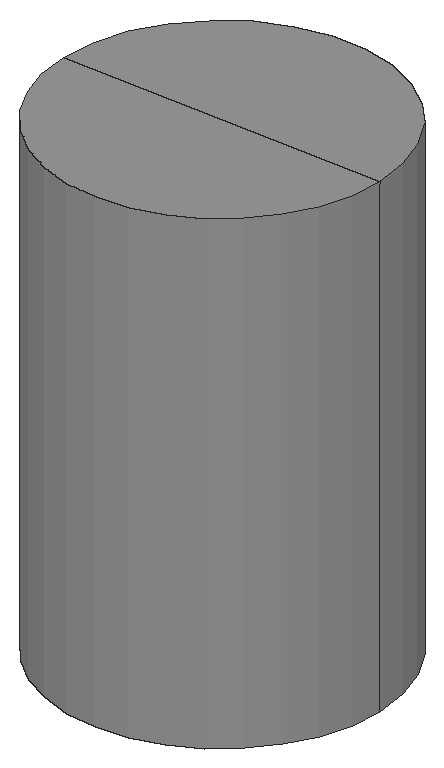
Revit family "NOK1_63_UN_Surface-mounted_ETK", category Lighting Fixtures, Revit 2019
Family settings
  Round Connector Dimension = Use Diameter
  Part Type = Normal
  OmniClass Number = 23.80.70.11.14.11
  OmniClass Title = Downlights
  Work Plane-Based = No
  Always vertical = Yes
  Cut with Voids When Loaded = Yes
  Light Source = Yes
  Shared = No
  Room Calculation Point = Yes
Parameters (values of type "NOK.1 LED 24W 4000K 36 3680Lm CRI>80 wit DALI 110x165")
  Wattage Comments = "24"
  Wattage = 3.36605 W
  built-in parameter 1150110 = 1 (stored number, unit not read)
  Voltage = 230 V
  URL = "https://www.ivlibrary.com/"
  Type Comments = "NOK.1 Delta"
  built-in parameter 1114217 = 1 (stored number, unit not read)
  Tilt Angle = 90.00°
  built-in parameter 1150109 = 1 (stored number, unit not read)
  built-in parameter 1150134 = 3
  built-in parameter 1150113 = 1 (stored number, unit not read)
  Luminous Flux (lm) = 2699.45 lm
  ISBN Code = "-"
  IP Value = "IP40"
  IK Value = "-"
  GTIN Code = "-"
  ETIM Code = "-"
  Calc_Radius = D1 / 2  # 55 mm
  Photometric Web File = "NOK.1203.15.ies"
  Symbol_ToScale [instance] = no
  Symbol_RealSize [instance] = not(Symbol_ToScale)  # yes
  Switch Code [instance] = ""
  built-in parameter 1150142 = "IESNA91\r\n[MANUFAC]  www.etk.nl\r\n[LUMCAT] NOK.1203.15\r\n[LUMINAIRE] NOK.1 LED 24W 4000K 363680Lm CRI>80 wit DALI ý110x165\r\n[LAMP] LED\r\n[_CHANGED] file converted from LDT by IES Viewer 3.6 (C) Andrey Legotin\r\nTILT=NONE\r\n1 2699.45 2.69945 19 1 1 2 0 -0.08 0.001\r\n1 1 24\r\n0 5 10 15 20 25 30 35 40 45 50 55 60 65 70 75 80 85 90 \r\n0 \r\n5475.64535 4570.58026 1921.48884 775.75994 537.11866 490.44757 423.11456 \r\n204.65524 21.27115 9.04429 7.70843 7.0146 7.07746 5.12906 4.23065 3.04701 \r\n2.72494 1.3609 0.84101 \r\n"
  Model = "NOK.1"
  Manufacturer = "ETK B.V."
  built-in parameter 1150105 = 39.789 (stored number, unit not read)
  Lumens = 2699.45 lm
  built-in parameter 1150115 = 1 (stored number, unit not read)
  Luminaire Code [instance] = ""
  built-in parameter 1150137 = (empty or 0)
  built-in parameter 1150139 = (empty or 0)
  L1 = 165 mm
  built-in parameter 1150112 = 1 (stored number, unit not read)
  built-in parameter 1150114 = 1 (stored number, unit not read)
  Lamp = "LED"
  built-in parameter 1150132 = 2
  built-in parameter 1150102 = (empty or 0)
  built-in parameter 1150107 = 3200 (stored number, unit not read)
  built-in parameter 1150138 = (empty or 0)
  built-in parameter 1150106 = 0.39789 (stored number, unit not read)
  IfcExportType = "USERDEFINED"
  IfcExportAs = "IfcLightFixtureType"
  Housing_Material = Select RGB Value for different appearance
  built-in parameter 1150104 = 13.8 (stored number, unit not read)
  Dimming Lamp Color Temperature Shift = <None>
  D1 = 110 mm
  Description = ""
  Content Creator® = "www.ivlibrary.com"
  Color Filter = 16777215
  Calc_Symbol_Diameter = D1 / 100  # 1.1 mm
  Calc_LightSource = L1 - 5 mm  # 160 mm
  built-in parameter 1114218 = 1 (stored number, unit not read)
  built-in parameter 1150133 = 10 (stored number, unit not read)
  Assembly Code = "63.0"
  Apparent Load = 24 VA
Types (6, lengths in mm): name | Luminous Flux (lm) | Photometric Web File | built-in parameter 1150142 | Lumens
  NOK.1 LED 24W 4000K 36 3680Lm CRI>80 wit DALI 110x165 | 2699.45 lm | "NOK.1203.15.ies" | "IESNA91\r\n[MANUFAC]  www.etk.nl\r\n[LUMCAT] NOK.1203.15\r\n[LUMINAIRE] NOK.1 LED 24W 4000K 363680Lm CRI>80 wit DALI ý110x165\r\n[LAMP] LED\r\n[_CHANGED] file converted from LDT by IES Viewer 3.6 (C) Andrey Legotin\r\nTILT=NONE\r\n1 2699.45 2.69945 19 1 1 2 0 -0.08 0.001\r\n1 1 24\r\n0 5 10 15 20 25 30 35 40 45 50 55 60 65 70 75 80 85 90 \r\n0 \r\n5475.64535 4570.58026 1921.48884 775.75994 537.11866 490.44757 423.11456 \r\n204.65524 21.27115 9.04429 7.70843 7.0146 7.07746 5.12906 4.23065 3.04701 \r\n2.72494 1.3609 0.84101 \r\n" | 2699.45 lm
  NOK.1 LED 24W 4000K 36 3680Lm CRI>80 zwart DALI 110x165 | 2699.45 lm | "NOK.1203.31.ies" | "IESNA91\r\n[MANUFAC]  www.etk.nl\r\n[LUMCAT] NOK.1203.31\r\n[LUMINAIRE] NOK.1 LED 24W 4000K 363680Lm CRI>80 zwart DALI ý110x165\r\n[LAMP] LED\r\n[_CHANGED] file converted from LDT by IES Viewer 3.6 (C) Andrey Legotin\r\nTILT=NONE\r\n1 2699.45 2.69945 19 1 1 2 0 -0.08 0.001\r\n1 1 24\r\n0 5 10 15 20 25 30 35 40 45 50 55 60 65 70 75 80 85 90 \r\n0 \r\n5475.64535 4570.58026 1921.48884 775.75994 537.11866 490.44757 423.11456 \r\n204.65524 21.27115 9.04429 7.70843 7.0146 7.07746 5.12906 4.23065 3.04701 \r\n2.72494 1.3609 0.84101 \r\n" | 2699.45 lm
  NOK.1 LED 24W 3000K 36 3580Lm CRI>80 zwart DALI 110x165 | 2603.41 lm | "NOK.1103.31.ies" | "IESNA91\r\n[MANUFAC]  www.etk.nl\r\n[LUMCAT] NOK.1103.31\r\n[LUMINAIRE] NOK.1 LED 24W 3000K 363580Lm CRI>80 zwart DALI ý110x165\r\n[LAMP] LED\r\n[_CHANGED] file converted from LDT by IES Viewer 3.6 (C) Andrey Legotin\r\nTILT=NONE\r\n1 2603.41 2.60341 19 1 1 2 0 -0.08 0.001\r\n1 1 24\r\n0 5 10 15 20 25 30 35 40 45 50 55 60 65 70 75 80 85 90 \r\n0 \r\n5475.64535 4570.58026 1921.48884 775.75994 537.11866 490.44757 423.11456 \r\n204.65524 21.27115 9.04429 7.70843 7.0146 7.07746 5.12906 4.23065 3.04701 \r\n2.72494 1.3609 0.84101 \r\n" | 2603.41 lm
  NOK.1 LED 24W 4000K 36 3680Lm CRI>80 zwart 110x165 | 2699.45 lm | "NOK.1200.31.ies" | "IESNA91\r\n[MANUFAC]  www.etk.nl\r\n[LUMCAT] NOK.1200.31\r\n[LUMINAIRE] NOK.1 LED 24W 4000K 363680Lm CRI>80 zwart 10x165\r\n[LAMP] LED\r\n[_CHANGED] file converted from LDT by IES Viewer 3.6 (C) Andrey Legotin\r\nTILT=NONE\r\n1 2699.45 2.69945 19 1 1 2 0 -0.08 0.001\r\n1 1 24\r\n0 5 10 15 20 25 30 35 40 45 50 55 60 65 70 75 80 85 90 \r\n0 \r\n5475.64535 4570.58026 1921.48884 775.75994 537.11866 490.44757 423.11456 \r\n204.65524 21.27115 9.04429 7.70843 7.0146 7.07746 5.12906 4.23065 3.04701 \r\n2.72494 1.3609 0.84101 \r" | 2699.45 lm
  NOK.1 LED 24W 3000K 36 3580Lm CRI>80 zwart 110x165 | 2603.41 lm | "NOK.1100.31.ies" | "IESNA91\r\n[MANUFAC]  www.etk.nl\r\n[LUMCAT] NOK.1100.31\r\n[LUMINAIRE] NOK.1 LED 24W 3000K 363580Lm CRI>80 zwart 10x165\r\n[LAMP] LED\r\n[_CHANGED] file converted from LDT by IES Viewer 3.6 (C) Andrey Legotin\r\nTILT=NONE\r\n1 2603.41 2.60341 19 1 1 2 0 -0.08 0.001\r\n1 1 24\r\n0 5 10 15 20 25 30 35 40 45 50 55 60 65 70 75 80 85 90 \r\n0 \r\n5475.64535 4570.58026 1921.48884 775.75994 537.11866 490.44757 423.11456 \r\n204.65524 21.27115 9.04429 7.70843 7.0146 7.07746 5.12906 4.23065 3.04701 \r\n2.72494 1.3609 0.84101 \r" | 2603.41 lm
  NOK.1 LED 24W 4000K 36 3680Lm CRI>80 wit 110x165 | 2699.45 lm | "NOK.1200.15.ies" | "IESNA91\r\n[MANUFAC]  www.etk.nl\r\n[LUMCAT] NOK.1200.15\r\n[LUMINAIRE] NOK.1 LED 24W 4000K 363680Lm CRI>80 wit 10x165\r\n[LAMP] LED\r\n[_CHANGED] file converted from LDT by IES Viewer 3.6 (C) Andrey Legotin\r\nTILT=NONE\r\n1 2699.45 2.69945 19 1 1 2 0 -0.08 0.001\r\n1 1 24\r\n0 5 10 15 20 25 30 35 40 45 50 55 60 65 70 75 80 85 90 \r\n0 \r\n5475.64535 4570.58026 1921.48884 775.75994 537.11866 490.44757 423.11456 \r\n204.65524 21.27115 9.04429 7.70843 7.0146 7.07746 5.12906 4.23065 3.04701 \r\n2.72494 1.3609 0.84101 \r" | 2699.45 lm
Reference planes
  plane 1 "Center (Front/Back)": y = 0
  plane 2: z = 0
  plane 3 "Center (Left/Right)": x = 0
Forms (mm)
  Revolve 1, solid, material "Select RGB Value for different appearance" <- "Housing_Material"
    sketch origin (0, 0, -10) x (1, 0, 0) y (0, 0, 1)
      loop
        line (0, 10) -> (-55, 10) -> (-55, -155) -> (-53, -155)
        arc (-53, -155) -> (-31.298, -130.711) -> (0, -121.693) r 58.822
        line (0, -121.693) -> (0, 10)
      axis (0, 10) -> (0, -155)
    angle from 0 to 360
  Revolve 2, solid, material "Copper"
    sketch origin (0, 0, 0) x (1, 0, 0) y (0, 0, 1)
      loop
        line (0, -133.806) -> (0, -131.698)
        arc (0, -131.698) -> (-7.567, -132.279) -> (-15, -133.806) r 60.222
        line (-15, -133.806) -> (0, -133.806)
      axis (0, -133.806) -> (0, -131.698)
    angle from 0 to 360
Lines and regions (mm)
  symbolic lines, visible <- "Symbol_RealSize"
    curve 1: circle (0, 0, 0) r 55 normal (0, 0, 1)
Dimensions and locks
  "Calc_Radius": plane 3 "Center (Left/Right)" to Revolve 1 sketch curve
  "L1": level to Revolve 1 sketch curve
  "Calc_LightSource": level to imposter light
  "D1": diameter of curve 1
  aligned and locked: level to plane 2
  aligned and locked: Revolve 1 to level
Automatic sketch dimensions
  plane 1 "Center (Front/Back)" to curve 1 = 0 mm
  curve 1 to plane 3 "Center (Left/Right)" = 0 mm
  Revolve 1 sketch curve to plane 3 "Center (Left/Right)" = 0 mm  (x2)
  Revolve 1 sketch curve to level = 0 mm
  Revolve 1 sketch curve to Revolve 1 sketch curve = 2 mm
  Revolve 1 sketch curve to Revolve 1 sketch curve = 25.515 mm
  Revolve 1 sketch curve to Revolve 1 sketch curve = 171.425 mm
  level to Revolve 1 sketch curve = 2204.315 mm
  Revolve 2 sketch curve to plane 3 "Center (Left/Right)" = 0 mm
  Revolve 2 sketch curve to Revolve 2 sketch curve = 15 mm
  plane 3 "Center (Left/Right)" to Revolve 2 sketch curve = 0.815 mm
  Revolve 2 sketch curve to level = 191.915 mm
  Revolve 2 sketch curve to Revolve 2 sketch curve = 58.109 mm
Nested families
  nested 1: "Parametric Spot Symbol" at (0, 0, 0), visible <- "Symbol_ToScale", Symbol_Diameter <- "Calc_Symbol_Diameter", type "Parametric Spot Symbol"
    with Symbol_Diameter 1.1 mm
Connectors
  electrical at (0, 0, 0), driven by "Apparent Load", driven by "Voltage"
    settings: index 1, voltage 230 V, apparent load 0 VA, apparent load phase1 24 VA, apparent load phase2 0 VA, apparent load phase3 0 VA, power factor 1, load classification "Other", number of poles 1, system type 31, power factor state 1, is connector primary yes, connector utility no, sub classification motor no, connector description ""
Definition of nested family "Parametric Spot Symbol"
  Parameters (values of type "Parametric Spot Symbol")
    Symbol_Diameter [instance] = 0.9 mm
  Reference planes
    plane 1: y = 0
    plane 2: x = 0
  Lines and regions (mm)
    detail lines
      curve 1: circle (0, 0, 0) r 0.45 normal (0, 0, 1)
  Dimensions and locks
    "Symbol_Diameter": diameter of curve 1
  Automatic sketch dimensions
    plane 1 to curve 1 = 0 mm
    curve 1 to plane 2 = 0 mm
